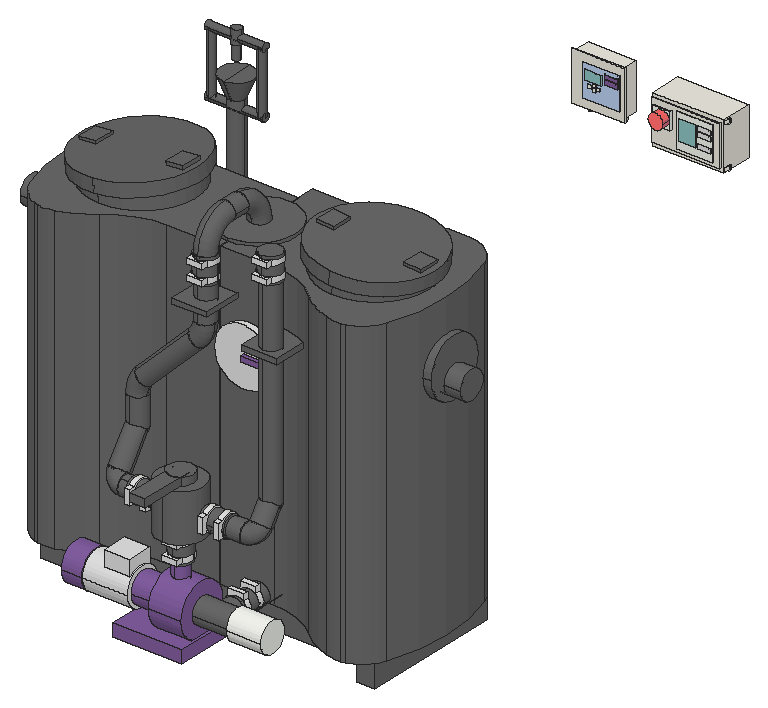
Revit family "93003.02_ms", category Generic Models, Revit 2021 (continued)
Definition of nested family "93003.02_ms_part3_X0Y0"
  Definition of nested family "93003.02_ms_part3_content"
    Forms (mm)
      Extrusion 45, solid, detail levels medium+fine
        sketch origin (-440.694, 0, 1072.927) x (0, -1, 0) y (0.996195, 0, 0.087156)
          loop
            circle (0, 0) r 211
        from 0 to 281.5
      Extrusion 46, solid, detail levels medium+fine
        sketch origin (-465.2, 0, 1353.35) x (0, -1, 0) y (0.996195, 0, 0.087156)
          loop
            circle (0, 0) r 233
        from 0 to 51
      Extrusion 47, solid, detail levels medium+fine
        sketch origin (-330.3, -41, 1416.3) x (0, 1, 0) y (-0.087156, 0, 0.996195)
          loop
            line (0, 12) -> (0, 0) -> (82, 0) -> (82, 12) -> (0, 12)
        from 0 to 66
      Extrusion 48, solid, detail levels medium+fine
        sketch origin (-609.2, 41, 1391.85) x (0, -1, 0) y (-0.087156, 0, 0.996195)
          loop
            line (0, 12) -> (0, 0) -> (82, 0) -> (82, 12) -> (0, 12)
        from 0 to 66
      Extrusion 49, solid, detail levels medium+fine
        sketch origin (290, -301.5, 1345.5) x (0, 1, 0) y (-1, 0, 0)
          loop
            circle (0, 0) r 42
        from 0 to 100
      Extrusion 50, solid, detail levels medium+fine
        sketch origin (290, -301.5, 1355.5) x (0, 1, 0) y (-1, 0, 0)
          loop
            circle (0, 0) r 45
        from 0 to 20
      Extrusion 51, solid, detail levels medium+fine
        sketch origin (290, -301.5, 1415.5) x (0, 1, 0) y (-1, 0, 0)
          loop
            circle (0, 0) r 45
        from 0 to 20
      Extrusion 52, solid, detail levels medium+fine
        sketch origin (260, -332.5, 1375.5) x (0, 0, -1) y (1, 0, 0)
          loop
            line (0, 60) -> (0, 0) -> (20, 0) -> (20, 60) -> (0, 60)
        from 0 to 25
      Extrusion 53, solid, detail levels medium+fine
        sketch origin (260, -332.5, 1435.5) x (0, 0, -1) y (1, 0, 0)
          loop
            line (0, 60) -> (0, 0) -> (20, 0) -> (20, 60) -> (0, 60)
        from 0 to 25
      Extrusion 54, solid, detail levels medium+fine
        sketch origin (-303.5, -155.5, 0) x (0, 1, 0) y (0, 0, 1)
          loop
            line (0, 113) -> (0, 0) -> (389, 0) -> (389, 113) -> (0, 113)
        from 0 to 760
      Extrusion 55, solid, detail levels medium+fine
        sketch origin (-110, 215, 1148.5) x (0, 0, -1) y (1, 0, 0)
          loop
            circle (0, 0) r 31.5
        from 0 to 15.5
      Revolve 56, solid, detail levels medium+fine
        sketch origin (-110, 215, 1148.5) x (0, 0, -1) y (-1, 0, 0)
          loop
            circle (0, 0) r 31.5
          axis (60, 0) -> (60, -1)
        angle from -90 to 0
      Extrusion 57, solid, detail levels medium+fine
        sketch origin (154.75, -214.5, 135) x (0, 0, -1) y (1, 0, 0)
          loop
            circle (0, 0) r 42
        from -100 to 100
      Extrusion 58, solid, detail levels medium+fine
        sketch origin (154.75, -224.5, 135) x (0, 0, -1) y (1, 0, 0)
          loop
            line (-56, -30) -> (-33.541, -30)
            arc (-33.541, -30) -> (45, 0) -> (-33.541, 30) r 45
            line (-33.541, 30) -> (-56, 30) -> (-56, -30)
        from 0 to 20
      Extrusion 59, solid, detail levels medium+fine
        sketch origin (154.75, -383, 135) x (-1, 0, 0) y (0, 0, 1)
          loop
            circle (0, 0) r 40
        from 0 to 193.5
      Extrusion 60, solid, detail levels medium+fine
        sketch origin (154.75, -284.5, 135) x (0, 0, -1) y (1, 0, 0)
          loop
            line (-56, -30) -> (-33.541, -30)
            arc (-33.541, -30) -> (45, 0) -> (-33.541, 30) r 45
            line (-33.541, 30) -> (-56, 30) -> (-56, -30)
        from 0 to 20
      Extrusion 61, solid, detail levels medium+fine
        sketch origin (82.5, -383, 135) x (0, 1, 0) y (0, 0, 1)
          loop
            circle (0, 0) r 50
        from 0 to 144.5
      Extrusion 62, solid, detail levels medium+fine
        sketch origin (-47, -383, 135) x (0, 1, 0) y (0, 0, 1)
          loop
            circle (0, 0) r 101
        from 0 to 129.5
      Extrusion 63, solid, detail levels medium+fine
        sketch origin (0, -383, 284) x (-1, 0, 0) y (0, 1, 0)
          loop
            circle (0, 0) r 31.5
        from 0 to 149
      Extrusion 64, solid, detail levels medium+fine
        sketch origin (-152, -383, 135) x (0, 1, 0) y (0, 0, 1)
          loop
            circle (0, 0) r 60
        from 0 to 105
      Extrusion 65, solid, detail levels medium+fine
        sketch origin (97.5, -269, 0) x (0, -1, 0) y (0, 0, 1)
          loop
            line (0, 48) -> (0, 0) -> (230, 0) -> (230, 48) -> (0, 48)
        from 0 to 272
      Extrusion 66, solid, detail levels medium+fine
        sketch origin (0, -383, 284) x (0, 1, 0) y (-1, 0, 0)
          loop
            circle (0, 0) r 42
        from 0 to 100
      Extrusion 67, solid, detail levels medium+fine
        sketch origin (0, -383, 294) x (0, 1, 0) y (-1, 0, 0)
          loop
            circle (0, 0) r 45
        from 0 to 20
      Extrusion 68, solid, detail levels medium+fine
        sketch origin (0, -383, 354) x (0, 1, 0) y (-1, 0, 0)
          loop
            circle (0, 0) r 45
        from 0 to 20
      Extrusion 69, solid, detail levels medium+fine
        sketch origin (-30, -414, 314) x (0, 0, -1) y (1, 0, 0)
          loop
            line (0, 60) -> (0, 0) -> (20, 0) -> (20, 60) -> (0, 60)
        from 0 to 25
      Extrusion 70, solid, detail levels medium+fine
        sketch origin (-30, -414, 374) x (0, 0, -1) y (1, 0, 0)
          loop
            line (0, 60) -> (0, 0) -> (20, 0) -> (20, 60) -> (0, 60)
        from 0 to 25
      Extrusion 71, solid, detail levels medium+fine
        sketch origin (227, -383, 135) x (0, 1, 0) y (0, 0, 1)
          loop
            circle (0, 0) r 58.5
        from 0 to 135.5
      Extrusion 72, solid, detail levels medium+fine
        sketch origin (-333, -383, 135) x (0, 1, 0) y (0, 0, 1)
          loop
            circle (0, 0) r 73.5
        from 0 to 181
      Extrusion 73, solid, detail levels medium+fine
        sketch origin (-262, -433, 188.5) x (0, 1, 0) y (0, 0, 1)
          loop
            line (0, 60) -> (0, 0) -> (100, 0) -> (100, 60) -> (0, 60)
        from 0 to 100
      Extrusion 74, solid, detail levels medium+fine
        sketch origin (-413, -383, 135) x (0, 1, 0) y (0, 0, 1)
          loop
            circle (0, 0) r 73.5
        from 0 to 80
      Extrusion 75, solid, detail levels medium+fine
        sketch origin (-68, -340.2, 1148.3) x (0, 1, 0) y (0, 0, 1)
          loop
            line (0, 20.5) -> (0, 0) -> (184.7, 0) -> (184.7, 20.5) -> (0, 20.5)
        from 0 to 138
      Extrusion 76, solid, detail levels medium+fine
        sketch origin (0, -260, 1080.432) x (0, 1, 0) y (-1, 0, 0)
          loop
            circle (0, 0) r 37.5
        from 0 to 241.07
      Extrusion 77, solid, detail levels medium+fine
        sketch origin (0, -260, 1231.5) x (0, 1, 0) y (-1, 0, 0)
          loop
            circle (0, 0) r 45
        from 0 to 20
      Extrusion 78, solid, detail levels medium+fine
        sketch origin (0, -260, 1221.5) x (0, 1, 0) y (-1, 0, 0)
          loop
            circle (0, 0) r 42
        from 0 to 100
      Extrusion 79, solid, detail levels medium+fine
        sketch origin (0, -260, 1291.5) x (0, 1, 0) y (-1, 0, 0)
          loop
            circle (0, 0) r 45
        from 0 to 20
      Extrusion 80, solid, detail levels medium+fine
        sketch origin (-30, -291, 1251.5) x (0, 0, -1) y (1, 0, 0)
          loop
            line (0, 60) -> (0, 0) -> (20, 0) -> (20, 60) -> (0, 60)
        from 0 to 25
      Extrusion 81, solid, detail levels medium+fine
        sketch origin (-30, -291, 1311.5) x (0, 0, -1) y (1, 0, 0)
          loop
            line (0, 60) -> (0, 0) -> (20, 0) -> (20, 60) -> (0, 60)
        from 0 to 25
      Revolve 82, solid, detail levels medium+fine
        sketch origin (0, -260, 1321.5) x (0, 1, 0) y (-1, 0, 0)
          loop
            circle (0, 0) r 37.5
          axis (100, 0) -> (100, -1)
        angle from -90 to 0
      Extrusion 83, solid, detail levels medium+fine
        sketch origin (0, 0, 1310) x (0, 1, 0) y (-1, 0, 0)
          loop
            circle (0, 0) r 148.5
        from 0 to 11.5
      Revolve 84, solid, detail levels medium+fine
        sketch origin (0, 5.5, 1321.5) x (0, -1, 0) y (1, 0, 0)
          loop
            circle (0, 0) r 37.5
          axis (100, 0) -> (100, -1)
        angle from -90 to 0
      Extrusion 85, solid, detail levels medium+fine
        sketch origin (592, -250.5, 0) x (0, 1, 0) y (0, 0, 1)
          loop
            line (0, 113) -> (0, 0) -> (553.5, 0) -> (553.5, 113) -> (0, 113)
        from 0 to 70.5
      Extrusion 86, solid, detail levels medium+fine
        sketch origin (0, -160, 1421.5) x (-1, 0, 0) y (0, 0, 1)
          loop
            circle (0, 0) r 37.5
        from 0 to 65.5
      Extrusion 87, solid, detail levels medium+fine
        sketch origin (-746.1, 0, 1113) x (0, -1, 0) y (0, 0, 1)
          loop
            circle (0, 0) r 55
        from 0 to 151.5
      Extrusion 88, solid, detail levels medium+fine
        sketch origin (-738, 0, 1070) x (0, -1, 0) y (0, 0, 1)
          loop
            circle (0, 0) r 114
        from 0 to 38
      Extrusion 89, solid, detail levels medium+fine
        sketch origin (738, 0, 1070) x (0, 1, 0) y (0, 0, 1)
          loop
            circle (0, 0) r 114
        from 0 to 38
      Extrusion 90, solid, detail levels medium+fine
        sketch origin (746, 0, 1030) x (0, 1, 0) y (0, 0, 1)
          loop
            circle (0, 0) r 55
        from 0 to 98
      Extrusion 91, solid, detail levels coarse
        sketch origin (-26.8, -129.5, 0) x (1, 0, 0) y (0, 1, 0)
          loop
            line (-870.8, -469.5) -> (870.8, -469.5) -> (870.8, 469.5) -> (-870.8, 469.5) -> (-870.8, -469.5)
        from 0 to 1772.9
    Dimensions and locks
      aligned and locked: level to plane 2
